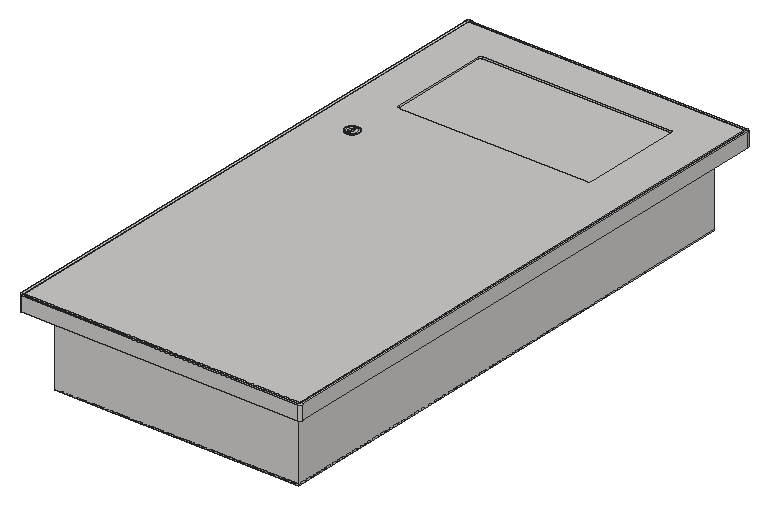
Revit family "Waste_Receptacle-Bobrick-TrimLineSeries-B-35633", category Specialty Equipment, host Face, Revit 2019
Family settings
  Host = Face
  Round Connector Dimension = Use Diameter
  Part Type = Normal
  OmniClass Number = 23.40.20.31
  OmniClass Title = Refuse Disposal Furniture
  Cut with Voids When Loaded = No
  Shared = Yes
  Room Calculation Point = No
Parameters (values of type "B-35633")
  Width = 14 1/8"
  Warranty Information = "1 Year Limited Warranty"
  Warranty Documentation Link = "https://www.bobrick.com/wp-content/uploads/product_warranties-6.pdf"
  URL = "http://bobrick.com/"
  Type Comments = ""
  Specification = "Recessed waste receptacle with disposal door shall be Type-304 stainless steel with all-welded construction; exposed surfaces shall have satin fi nish. Door shall be Type-304, 18 gauge (1.2mm) secured to cabinet with a concealed, full-length stainless steel piano-hinge, cable door-swing limiter and equipped with a tumbler lock keyed like other Bobrick washroom accessories. Waste receptacle shall be Type-304, heavy-gauge stainless steel. All-welded construction with a capacity of 3-gal. (11.3-L)."
  Revised Date = "11/03/2020"
  Product Page URL = "https://www.bobrick.com/products/washroom-accessories/washroom-accessories-catalog/product/b-35633/"
  Product Documentation Link = "https://www.bobrick.com/wp-content/uploads/B-35633_td.pdf"
  Price = "Prices may vary. Please consult Manufacturer Representative for most up-to-date price list."  # constant formula
  Model = "B-35633"
  Materials = "Stainless Steel-Bobrick-Type 304-Satin"
  Manufacturer = "Bobrick Washroom Equipment, Inc."
  Length = 4 7/16"
  Installation Type = "Recessed"
  Height = 28 1/8"
  Finish = Stainless Steel-Bobrick-Type 304-Satin
  Description = "TrimLineSeries™ Recessed Waste Receptacle with Disposal Door"
  Default Elevation = 47"
  Creation Date = "05/31/2017"
  Assembly Code = "E1090900"
  ADA Compliant = yes
Reference planes (in)
  plane 1 "Center (Front/Back)": y = 0
  plane 2: z = 0
  plane 3 "Center (Left/Right)": x = 0
  plane 4: z = 7.5
  plane 5: x = -7.0625
  plane 6: x = 7.0625
  plane 7: y = 26
  plane 8: y = -26
  plane 9: y = -13
  plane 10: y = 1.0625
  plane 11: y = -27.0625
  plane 12: x = -5.0625
  plane 13: x = 6.09375
  plane 14: x = -6.09375
  plane 15: z = -3.6875
  plane 16: z = 0.75
  plane 17: y = -18.9375
  plane 18: y = -7
  plane 19: z = -2.1875
Forms (in)
  Sweep 1, solid, material "Stainless Steel-Bobrick-Type 304-Satin" <- "Finish"
    path origin (9.88933, 33.1857, 0) x (1, 0, 0) y (0, 1, 0)
      loop
        arc (-16.82683, -32.1232) -> (-16.91522, -32.15981) -> (-16.95183, -32.2482) r 0.125
        line (-16.95183, -32.2482) -> (-16.95183, -60.1232)
        arc (-16.95183, -60.1232) -> (-16.91522, -60.21159) -> (-16.82683, -60.2482) r 0.125
        line (-16.82683, -60.2482) -> (-2.95183, -60.2482)
        arc (-2.95183, -60.2482) -> (-2.86344, -60.21159) -> (-2.82683, -60.1232) r 0.125
        line (-2.82683, -60.1232) -> (-2.82683, -32.2482)
        arc (-2.82683, -32.2482) -> (-2.86344, -32.15981) -> (-2.95183, -32.1232) r 0.125
        line (-2.95183, -32.1232) -> (-16.82683, -32.1232)
    profile origin (0, 1.0625, 0) x (0, 1, 0) y (0, 0, 1)
      loop
        line (0, 0) -> (0, 0.71875)
        arc (0, 0.71875) -> (-0.00915, 0.74085) -> (-0.03125, 0.75) r 0.03125
        line (-0.03125, 0.75) -> (-0.12391, 0.75) -> (-0.12391, 0) -> (0, 0)
  Extrusion 2, solid, material "Stainless Steel-Bobrick-Type 304-Satin" <- "Finish"
    sketch origin (0, 0, 0) x (1, 0, 0) y (0, 1, 0)
      loop
        line (6.09375, 0) -> (-6.09375, 0) -> (-6.09375, -26) -> (6.09375, -26) -> (6.09375, 0)
      loop
        line (-6.0625, -25.96875) -> (6.0625, -25.96875) -> (6.0625, -0.03125) -> (-6.0625, -0.03125) -> (-6.0625, -25.96875)
    from -3.6875 to 0.625
  Extrusion 3, solid, material "Stainless Steel-Bobrick-Type 304-Satin" <- "Finish"
    sketch origin (0, 0, 0.6875) x (1, 0, 0) y (0, 1, 0)
      loop
        arc (4.84375, -1.06605) -> (4.80714, -0.97766) -> (4.71875, -0.94105) r 0.125
        line (4.71875, -0.94105) -> (-4.71875, -0.94105)
        arc (-4.71875, -0.94105) -> (-4.80714, -0.97766) -> (-4.84375, -1.06605) r 0.125
        line (-4.84375, -1.06605) -> (-4.84375, -6.06605)
        arc (-4.84375, -6.06605) -> (-4.80714, -6.15443) -> (-4.71875, -6.19105) r 0.125
        line (-4.71875, -6.19105) -> (4.71875, -6.19105)
        arc (4.71875, -6.19105) -> (4.80714, -6.15443) -> (4.84375, -6.06605) r 0.125
        line (4.84375, -6.06605) -> (4.84375, -1.06605)
      loop
        line (-6.93859, 0.93859) -> (-6.93859, -26.93859) -> (6.93859, -26.93859) -> (6.93859, 0.93859) -> (-6.93859, 0.93859)
    from 0 to 0.0625
  Extrusion 4, void
    sketch origin (0, 0, 0) x (0, 1, 0) y (0, 0, 1)
      loop
        circle (-7, -2.1875) r 0.10937
      loop
        circle (-18.9375, -2.1875) r 0.10937
    from -6.09375 to 6.09375
  Extrusion 5, void
    sketch origin (0, 0, 0) x (1, 0, 0) y (0, 1, 0)
      loop
        line (6.21875, -26.125) -> (6.21875, 0.09375) -> (-6.21875, 0.09375) -> (-6.21875, -26.125) -> (6.21875, -26.125)
    from -3.80366 to 0
  Extrusion 6, solid, material "Stainless Steel-Bobrick-Type 304-Satin" <- "Finish"
    sketch origin (0, 0, 0.6555) x (1, 0, 0) y (0, 1, 0)
      loop
        arc (-4.71875, -0.94105) -> (-4.80714, -0.97766) -> (-4.84375, -1.06605) r 0.125
        line (-4.84375, -1.06605) -> (-4.84375, -6.06605)
        arc (-4.84375, -6.06605) -> (-4.80714, -6.15443) -> (-4.71875, -6.19105) r 0.125
        line (-4.71875, -6.19105) -> (4.71875, -6.19105)
        arc (4.71875, -6.19105) -> (4.80714, -6.15443) -> (4.84375, -6.06605) r 0.125
        line (4.84375, -6.06605) -> (4.84375, -1.06605)
        arc (4.84375, -1.06605) -> (4.80714, -0.97766) -> (4.71875, -0.94105) r 0.125
        line (4.71875, -0.94105) -> (-4.71875, -0.94105)
    from 0 to 0.032
  Extrusion 7, solid, material "Stainless Steel-Bobrick-Type 304-Satin" <- "Finish"
    sketch origin (0, 0, 3.9375) x (1, 0, 0) y (0, 1, 0)
      loop
        line (6.09375, -26) -> (6.09375, 0) -> (-6.09375, 0) -> (-6.09375, -26) -> (6.09375, -26)
    from -7.625 to -7.5625
  Extrusion 8, void
    sketch origin (-9.80643, 7.49107, 0.1875) x (-1, 0, 0) y (0, -1, 0)
      loop
        line (-4.78434, 15.987) -> (-4.70234, 15.987) -> (-4.70234, 16.10642)
        arc (-4.70234, 16.10642) -> (-4.61659, 16.22543) -> (-4.70234, 16.34445) r 0.12547
        line (-4.70234, 16.34445) -> (-4.70234, 16.377) -> (-4.78434, 16.377) -> (-4.78434, 16.34356)
        arc (-4.78434, 16.34356) -> (-4.86753, 16.22543) -> (-4.78434, 16.1073) r 0.12547
        line (-4.78434, 16.1073) -> (-4.78434, 15.987)
      loop
        line (-4.72772, 16.01825) -> (-4.72772, 16.34575) -> (-4.75897, 16.34575) -> (-4.75897, 16.01825) -> (-4.72772, 16.01825)
    from 0.53249 to 0.58531
  Revolve 9, solid, material "Stainless Steel-Bobrick-Type 304-Satin" <- "Finish"
    sketch origin (-5.06025, -10.00546, -3.48742) x (0, -1, 0) y (0, 0, 1)
      loop
        line (-1.31454, 3.98742) -> (-0.97157, 3.98742) -> (-0.97157, 4.23742) -> (-1.00305, 4.20594)
        arc (-1.00305, 4.20594) -> (-1.01228, 4.2282) -> (-1.03454, 4.23742) r 0.03148
        line (-1.03454, 4.23742) -> (-1.31454, 4.23742) -> (-1.31454, 3.98742)
      axis (-1.31454, 3.98742) -> (-1.31454, 4.23742)
    angle from 0 to 360
Cuts and joins
  Extrusion 8 cuts Revolve 9
  Extrusion 8 cuts Extrusion 3
Lines and regions (in)
  Masking region 1
    outline origin (0, 0, 1.32134) x (1, 0, 0) y (0, 0, 1)
      loop
        line (-7.0625, -1.32134) -> (-6.09375, -1.32134) -> (-6.09375, -5.00884) -> (6.09375, -5.00884) -> (6.09375, -1.32134) -> (7.0625, -1.32134) -> (7.0625, -0.60334)
        arc (7.0625, -0.60334) -> (7.05313, -0.58071) -> (7.0305, -0.57134) r 0.032
        line (7.0305, -0.57134) -> (-4.67264, -0.57134) -> (-7.0305, -0.57134)
        arc (-7.0305, -0.57134) -> (-7.05313, -0.58071) -> (-7.0625, -0.60334) r 0.032
        line (-7.0625, -0.60334) -> (-7.0625, -1.32134)
  symbolic lines, detail levels medium+fine
    curve 1: line (6.09375, 0, 0) -> (-6.09375, 0, 0)
    curve 3: line (-4.67264, 0, 0.75) -> (-5.51486, 0, 0.75)
  model lines
    curve 2: circle (3.4632, -4.89981, 0.6875) r 0.75133 normal (0, 0, 1)
Dimensions and locks (in)
  "Width": plane 5 to plane 6
  "Height": plane 11 to plane 10
  plane 8 to plane 1 "Center (Front/Back)" = 26"
  "Length": plane 15 to plane 16
  plane 15 to host face = 3 11/16"
  plane 18 to plane 17 to plane 8 = 11 15/16", 7 1/16"
  plane 15 to plane 19 = 1 1/2"
  aligned and locked: plane 2 to host face
  aligned and locked: level to host face
  aligned and locked: level to Extrusion 5
  aligned and locked: plane 15 to Extrusion 2
Automatic sketch dimensions
  host sketch curve to host sketch curve = 96"  (x2)
  Sweep 1 sketch curve to plane 5 = 0"
  plane 11 to Sweep 1 sketch curve = 0"
  plane 10 to Sweep 1 sketch curve = 0"
  Sweep 1 sketch curve to plane 6 = 0"
  plane 5 to Sweep 1 sketch curve = 1/8"  (x2)
  Sweep 1 sketch curve to plane 6 = 1/8"  (x2)
  Sweep 1 sketch curve to profile plane = 0"  (x2)
  profile plane to Sweep 1 sketch curve = 1/32"
  profile plane to Sweep 1 sketch curve = 0.12391"
  profile plane to Sweep 1 sketch curve = 23/32"
  plane 1 "Center (Front/Back)" to Extrusion 2 sketch curve = 0"
  Extrusion 2 sketch curve to plane 14 = 0"
  Extrusion 2 sketch curve to plane 13 = 0"
  plane 8 to Extrusion 2 sketch curve = 0"
  plane 14 to Extrusion 2 sketch curve = 1/32"
  Extrusion 2 sketch curve to plane 13 = 1/32"
  Extrusion 2 sketch curve to plane 8 = 1/32"
  plane 1 "Center (Front/Back)" to Extrusion 2 sketch curve = 1/32"
  plane 5 to Extrusion 3 sketch curve = 0.12391"
  plane 12 to Extrusion 3 sketch curve = 7/32"
  Extrusion 3 sketch curve to Extrusion 3 sketch curve = 1/8"  (x3)
  plane 1 "Center (Front/Back)" to Extrusion 3 sketch curve = 0.94105"
  Extrusion 3 sketch curve to plane 6 = 2 11/32"  (x2)
  Extrusion 3 sketch curve to plane 6 = 0.12391"
  Extrusion 3 sketch curve to Extrusion 3 sketch curve = 5"
  Extrusion 3 sketch curve to plane 11 = 0.12391"
  plane 10 to Extrusion 3 sketch curve = 0.12391"
  plane 8 to Extrusion 5 sketch curve = 1/8"
  plane 5 to Extrusion 5 sketch curve = 27/32"
  Extrusion 5 sketch curve to plane 1 "Center (Front/Back)" = 3/32"
  Extrusion 5 sketch curve to plane 6 = 27/32"
  plane 12 to Extrusion 6 sketch curve = 7/32"
  Extrusion 6 sketch curve to Extrusion 6 sketch curve = 1/8"  (x3)
  Extrusion 6 sketch curve to plane 6 = 2 11/32"  (x2)
  plane 1 "Center (Front/Back)" to Extrusion 6 sketch curve = 0.94105"
  Extrusion 6 sketch curve to Extrusion 6 sketch curve = 5"
  plane 3 "Center (Left/Right)" to curve 2 = 3.4632"
  plane 1 "Center (Front/Back)" to curve 2 = 4.89981"
  plane 8 to Extrusion 7 sketch curve = 0"
  plane 1 "Center (Front/Back)" to Extrusion 7 sketch curve = 0"
  plane 5 to Extrusion 7 sketch curve = 31/32"
  Extrusion 7 sketch curve to plane 6 = 31/32"
  Extrusion 4 sketch curve to plane 17 = 0"
  Extrusion 4 sketch curve to plane 18 = 0"
  plane 19 to Extrusion 4 sketch curve = 0"  (x2)
  curve 1 to level = 0"
  curve 3 to plane 16 = 0"
  plane 5 to curve 1 = 31/32"
  curve 3 to plane 12 = 0.45236"
  curve 1 to plane 6 = 31/32"
  Extrusion 8 sketch curve to Extrusion 8 sketch curve = 0"  (x2)
  plane 12 to Extrusion 8 sketch curve = 0.04041"  (x2)
  plane 12 to Extrusion 8 sketch curve = 0.01504"
  Extrusion 8 sketch curve to plane 12 = 0.00187"
  Extrusion 8 sketch curve to plane 12 = 0.01621"
  Extrusion 8 sketch curve to plane 12 = 0.04159"  (x2)
  plane 18 to Extrusion 8 sketch curve = 1.49592"
  Extrusion 8 sketch curve to Extrusion 8 sketch curve = 1/32"
  Extrusion 8 sketch curve to Extrusion 8 sketch curve = 0.08817"
  Extrusion 8 sketch curve to Extrusion 8 sketch curve = 0.00089"
  Extrusion 8 sketch curve to Extrusion 8 sketch curve = 0.11813"
  Extrusion 8 sketch curve to Extrusion 8 sketch curve = 0.0013"
  Extrusion 8 sketch curve to Extrusion 8 sketch curve = 0.03255"
  level to Revolve 9 sketch curve = 1/2"
  plane 18 to Revolve 9 sketch curve = 1.69093"
  Revolve 9 sketch curve to Revolve 9 sketch curve = 0.28"
  plane 16 to Revolve 9 sketch curve = 0.03148"
  Revolve 9 sketch curve to Revolve 9 sketch curve = 0.03148"  (x3)
  Revolve 9 sketch curve to Revolve 9 sketch curve = 0"  (x2)
  Revolve 9 sketch curve to plane 16 = 0.11448"
  Masking region 1 sketch curve to plane 5 = 0"
  Masking region 1 sketch curve to level = 0"  (x2)
  Masking region 1 sketch curve to plane 15 = 0"
  Masking region 1 sketch curve to plane 16 = 0"
  Masking region 1 sketch curve to plane 6 = 0"
  Masking region 1 sketch curve to Masking region 1 sketch curve = 0.032"  (x2)
  Masking region 1 sketch curve to Masking region 1 sketch curve = 31/32"
  Masking region 1 sketch curve to plane 6 = 31/32"
  plane 12 to Masking region 1 sketch curve = 0.38986"
  plane 12 to curve 3 = 0.38986"
  radius of curve 2 = 0.75133"
  radius of Extrusion 4 sketch curve = 7/64"  (x2)
